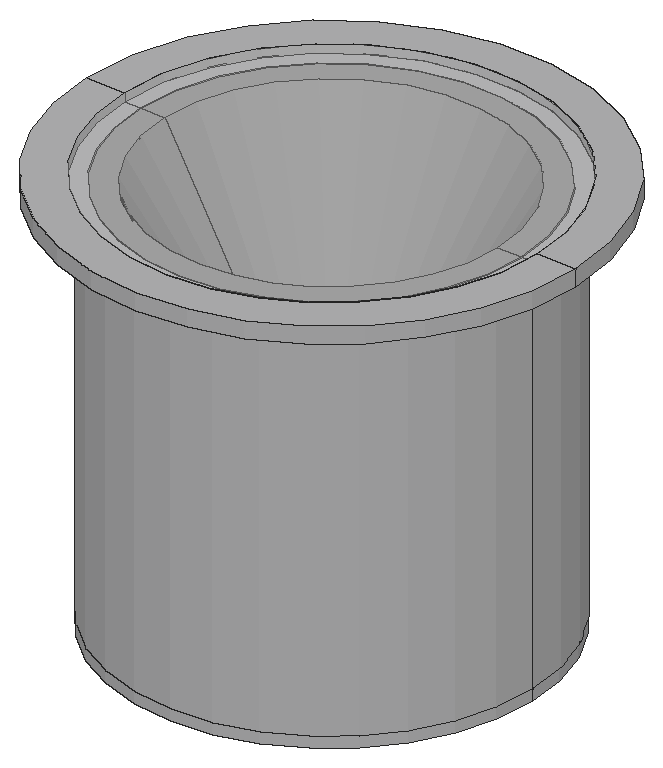
Revit family "2049515 Lighting Fixture_Sylvania_Myriad V LED_Ceiling Recessed", category Lighting Fixtures, host Face, Revit 2015
Parameters (values of type "MYRIAD SS HOUS 4000K DIMM")
  Weight = 0.37 kg  # constant formula
  Wattage = 20.5243 W
  built-in parameter 1150110 = 1 (stored number, unit not read)
  Voltage Comments = "UNV (Universal Voltage; 220-240 Volt)"  # constant formula
  Voltage = 240 V  # constant formula
  URL = ""
  built-in parameter 1114217 = 1 (stored number, unit not read)
  Tilt Angle = -90.00°  # constant formula
  built-in parameter 1150109 = 1 (stored number, unit not read)
  built-in parameter 1150134 = 12
  built-in parameter 1150113 = 1 (stored number, unit not read)
  Reflector Material = Steel_Sylvania_Myrad V LED_Chrome
  Recessed Depth = Height  # 72.0 mm
  Photometric Web File = "2049515_MYRIADVLED16W4K+Dimmable-89315.ies"
  Product Page URL = ""
  Product Family = "MYRIAD V LED - HOUSING ONLY"  # constant formula
  Photometry Comments = ""
  built-in parameter 1150105 = 1689.3 (stored number, unit not read)
  Lumens = 1057 lm
  built-in parameter 1150115 = 1 (stored number, unit not read)
  built-in parameter 1150137 = (empty or 0)
  built-in parameter 1150139 = (empty or 0)
  Life = "50 000"  # constant formula
  built-in parameter 1150112 = 1 (stored number, unit not read)
  built-in parameter 1150114 = 1 (stored number, unit not read)
  Lamp Comments = "15W Citizen Citiled neutral 4000K"
  LOR = "100%"  # constant formula
  Inner Radius = Cutout Radius - 2.0 mm  # 35.5 mm
  built-in parameter 1150132 = 2
  built-in parameter 1150102 = (empty or 0)
  built-in parameter 1150107 = 4000 (stored number, unit not read)
  built-in parameter 1150138 = (empty or 0)
  built-in parameter 1150106 = 16.893 (stored number, unit not read)
  Emit from Circle Diameter = Diffuser Diameter  # 77.0 mm
  Emit Shape Visible in Rendering = no
  built-in parameter 1150104 = 4.7845 (stored number, unit not read)
  Dimming Lamp Color Temperature Shift = <None>
  Diffuser Diameter = Cutout Diameter + 2.0 mm  # 77.0 mm
  Cutout Radius = Cutout Diameter / 2  # 37.5 mm
  Cutout Diameter = 75.0 mm
  Color Filter = 16777215
  Body Material = Aluminum_Sylvania_Myrad V LED_Silver
  Beam Angle = 30.00°  # constant formula
  built-in parameter 1114218 = 1 (stored number, unit not read)
  built-in parameter 1150133 = 10 (stored number, unit not read)
  IP Rating = "IP20/44(with accessories)"  # constant formula
  Height = 72.0 mm
  Electrical Protection = "CLASS II"  # constant formula
  built-in parameter 1114216 [instance] = 1 (stored number, unit not read)
  Model = "2049515 MYRIAD SS HOUS 4000K DIMM"
  Manufacturer = "Feilo-Sylvania Group"
  Lamp = "Integrated LED"
  Diffuser Material = Polycarbonate_Sylvania_Myrad V LED_Clear
  Description = "New high output high efficiency LED downlight modules. IR/UV free light source without heat radiation. Energy efficient light source with far superior luminous flux per watt than existing Low Voltage Halogen. Long life up to 50K hours, fit and forget maintenance free lighting solution. Dimmable options including DALI as standard. IP44 & IP65 versions as standard options. New range of Architectural accessories each providing a different lit dimension. Choice of colour temperatures warm 3000K and neutral 4000K. Luminaires supplied complete with LED drivers. Emergency versions passes through cut out. New completely flush plaster up accessory ring for clean ceiling lines and smooth finish. Total circuit power I5W"  # constant formula
  Default Elevation = 0.0 mm
  built-in parameter 1140040 [instance] = 1
  Assembly Code = "D5020200"
  Apparent Load Comments = ""
  Apparent Load = 15 VA
Reference planes
  plane 1 "Center (Front/Back)": y = 0
  plane 2: z = 0
  plane 3 "Center (Left/Right)": x = 0
  plane 4 "Fixture Bottom": z = 3
  plane 5 "Diffuser": z = 1.454
  plane 6 "Fixture Top": z = -72
  plane 7 "Housing Thickness": z = -70
  plane 8 "Reflector Top": z = -33.546
Forms (mm)
  Extrusion 1, void
    sketch origin (0, 0, 58) x (-1, 0, 0) y (0, -1, 0)
      loop
        circle (0, 0) r 37.5
    from -130 to -55
  Revolve 2, solid, material "Aluminum_Sylvania_Myrad V LED_Silver" <- "Body Material", detail levels fine
    sketch origin (0, 0, 0) x (1, 0, 0) y (0, 0, 1)
      loop
        line (-45.521, 3) -> (-45.521, 0) -> (-37.5, 0) -> (-37.5, -70) -> (-35.537, -70) -> (-35.537, 1.454) -> (-38.5, 1.454) -> (-38.5, 3) -> (-45.521, 3)
      axis (0, 3) -> (0, -70)
    angle from 0 to 360
  Extrusion 3, solid, material "Aluminum_Sylvania_Myrad V LED_Silver" <- "Body Material", detail levels fine
    sketch origin (0, 0, 58) x (-1, 0, 0) y (0, -1, 0)
      loop
        circle (0, 0) r 37.5
    from -130 to -128
  Revolve 4, solid, material "Steel_Sylvania_Myrad V LED_Chrome" <- "Reflector Material", detail levels fine
    sketch origin (0, 0, 0) x (1, 0, 0) y (0, 0, 1)
      loop
        line (-35.5, -33.546) -> (0, -33.546) -> (0, -31.083) -> (-12.169, -31.083) -> (-31, 1.454) -> (-35.5, 1.454) -> (-35.5, -33.546)
      axis (0, 1.454) -> (0, -33.546)
    angle from 0 to 360
  Extrusion 5, solid, material "Polycarbonate_Sylvania_Myrad V LED_Clear" <- "Diffuser Material", detail levels fine
    sketch origin (0, 0, 58) x (-1, 0, 0) y (0, -1, 0)
      loop
        circle (0, 0) r 38.5
    from -56.546 to -55
  Revolve 6, solid, material "Aluminum_Sylvania_Myrad V LED_Silver" <- "Body Material", detail levels coarse+medium
    sketch origin (0, 0, 0) x (1, 0, 0) y (0, 0, 1)
      loop
        line (-45.521, 3) -> (-45.521, 0) -> (-37.5, 0) -> (-37.5, -72) -> (0, -72) -> (0, 3) -> (-45.521, 3)
      axis (0, 3) -> (0, -72)
    angle from 0 to 360
Cuts and joins
  joined: Revolve 2, Extrusion 3
Dimensions and locks
  locked: plane 4 "Fixture Bottom" to plane 2 at 3
  locked: plane 5 "Diffuser" to plane 2 at 1.454
  "Height": plane 2 to plane 6 "Fixture Top"
  plane 7 "Housing Thickness" to plane 6 "Fixture Top" = 2.0 mm
  "Cutout Radius": plane 3 "Center (Left/Right)" to Revolve 2 sketch curve
  locked: Revolve 2 sketch curve to Revolve 2 sketch curve at 1.963
  locked: Revolve 2 sketch curve to Revolve 2 sketch curve at 8.021
  locked: Revolve 4 sketch curve to Revolve 4 sketch curve at 2.463
  locked: Revolve 2 sketch curve to Revolve 2 sketch curve at 1
  "Inner Radius": plane 3 "Center (Left/Right)" to Revolve 4 sketch curve
  locked: Revolve 4 sketch curve to Revolve 4 sketch curve at 4.5
  locked: Revolve 4 sketch curve to Revolve 4 sketch curve at 23.331
  locked: plane 5 "Diffuser" to plane 8 "Reflector Top" at 35
  locked: Revolve 6 sketch curve to Revolve 6 sketch curve at 8.021
  "Cutout Radius": Revolve 6 sketch curve to imposter light
  "Cutout Diameter": diameter of Extrusion 1 sketch curve
  "Cutout Diameter": diameter of Extrusion 3 sketch curve
  "Diffuser Diameter": diameter of Extrusion 5 sketch curve
  aligned and locked: host face to plane 2
  aligned and locked: level to host face
  aligned and locked: Revolve 2 sketch curve to plane 4 "Fixture Bottom"
  aligned and locked: Revolve 2 sketch curve to plane 5 "Diffuser"
  aligned and locked: Revolve 2 sketch curve to plane 2
  aligned and locked: Revolve 2 sketch curve to plane 3 "Center (Left/Right)"
  aligned and locked: plane 7 "Housing Thickness" to Extrusion 3
  aligned and locked: Extrusion 3 to plane 6 "Fixture Top"
  aligned and locked: Revolve 2 sketch curve to plane 7 "Housing Thickness"
  aligned and locked: Revolve 4 sketch curve to plane 5 "Diffuser"
  aligned and locked: Revolve 4 sketch curve to plane 3 "Center (Left/Right)"  (x2)
  aligned and locked: Extrusion 5 to plane 5 "Diffuser"
  aligned and locked: plane 4 "Fixture Bottom" to Extrusion 5
  aligned and locked: Revolve 4 sketch curve to plane 8 "Reflector Top"
  aligned and locked: imposter light to plane 3 "Center (Left/Right)"
  aligned and locked: imposter light to plane 4 "Fixture Bottom"
  aligned and locked: imposter light to plane 1 "Center (Front/Back)"
  aligned and locked: Revolve 6 sketch curve to plane 6 "Fixture Top"
  aligned and locked: Revolve 6 sketch curve to imposter light  (x2)
  aligned and locked: Revolve 6 sketch curve to plane 2
  aligned and locked: imposter light to Extrusion 1
  aligned and locked: Extrusion 1 to plane 6 "Fixture Top"
Automatic sketch dimensions
  host sketch curve to host sketch curve = 345.0 mm
  host sketch curve to host sketch curve = 280.0 mm
  plane 1 "Center (Front/Back)" to Extrusion 1 sketch curve = 0.0 mm
  Extrusion 1 sketch curve to plane 3 "Center (Left/Right)" = 0.0 mm
  plane 8 "Reflector Top" to Revolve 2 sketch curve = 16.453 mm
  plane 4 "Fixture Bottom" to Revolve 2 sketch curve = 14.907 mm
  plane 1 "Center (Front/Back)" to Extrusion 3 sketch curve = 0.0 mm
  Extrusion 3 sketch curve to plane 3 "Center (Left/Right)" = 0.0 mm
  plane 4 "Fixture Bottom" to Revolve 4 sketch curve = 9.307 mm
  Revolve 4 sketch curve to Revolve 4 sketch curve = 25.0 mm
  plane 1 "Center (Front/Back)" to Extrusion 5 sketch curve = 0.0 mm
  Extrusion 5 sketch curve to plane 3 "Center (Left/Right)" = 0.0 mm
  Revolve 6 sketch curve to plane 3 "Center (Left/Right)" = 0.0 mm
  plane 8 "Reflector Top" to Revolve 6 sketch curve = 16.453 mm
  Revolve 6 sketch curve to Revolve 6 sketch curve = 14.907 mm
Connectors
  electrical at (0, 0, -72), driven by "Voltage", driven by "Apparent Load"
    settings: on cut or joined group of Revolve 2, Extrusion 3, index 1, voltage 240 V, apparent load 0 VA, apparent load phase1 15 VA, apparent load phase2 0 VA, apparent load phase3 0 VA, power factor 1, load classification "Lighting", number of poles 1, system type 31, power factor state 1, is connector primary yes, connector utility no, sub classification motor no, connector description ""
